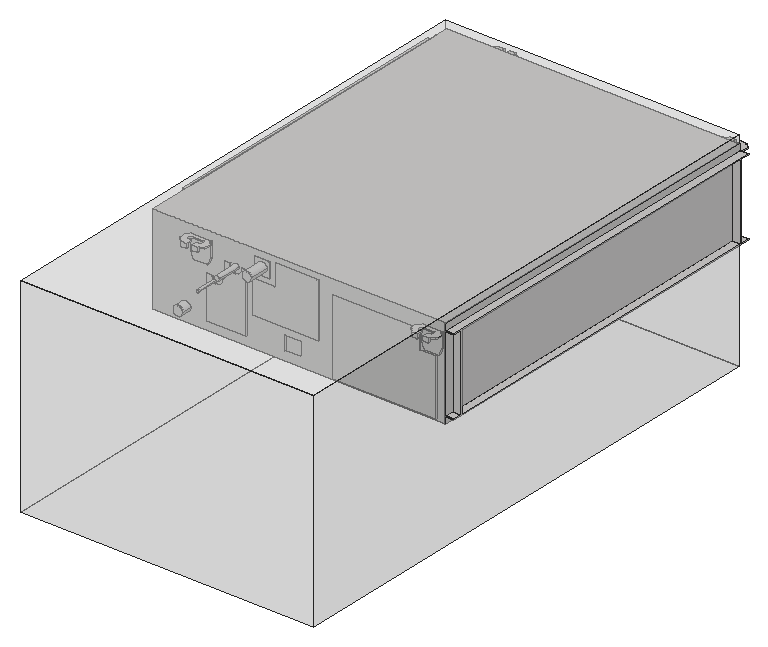
Revit family "outputfile", category 機械設備, Revit 2024
Family settings
  丸型コネクタ寸法 = 半径を使用
  パーツ タイプ = 標準
  OmniClass 番号 = 23.75.10.24.21.27.27
  OmniClass タイトル = Split System Air Conditioning Units
  作業面ベース = いいえ
  常に垂直 = はい
  ロード時にボイドで切り取り = いいえ
  注釈の向きを維持 = いいえ
  共有 = いいえ
  部屋計算ポイント = はい
Parameters (values of type "FMA50RVMA8")
  Description = ""
  製造元 = "Daikin"
  書き出し IFC クラス(タイプ) = "IfcUnitaryEquipmentType"
  定義済み IFC タイプ(タイプ) = "AIRCONDITIONINGUNIT"
  Cost = 0
  モデル = "FMA50RVMA8"
  Type Comments = ""
  Keynote = ""
  Type Image = (empty or 0)
  Assembly Code = ""
  switch_frequency = yes
  r_Liquid Pipe Size = Liquid Pipe Size / 2  # 3.2 mm
  r_Gas Pipe Size = Gas Pipe Size / 2  # 6.35 mm
  r_Drain Pipe Size = Drain Pipe Size / 2  # 12.5 mm
  lw_power = 770.0 mm  # constant formula
  lh_SA = 138.0 mm  # constant formula
  lw_SA = if(Depth = 550.0 mm, 225.0 mm, if(Depth = 700.0 mm, 300.0 mm, if(Depth = 1000.0 mm, 450.0 mm, if(Depth = 1400.0 mm, 650.0 mm, 725.0 mm))))  # 450.0 mm
  lw_RA = if(Depth = 550.0 mm, 275.0 mm, if(Depth = 700.0 mm, 349.0 mm, if(Depth = 1000.0 mm, 499.0 mm, if(Depth = 1400.0 mm, 699.0 mm, 775.0 mm))))  # 499.0 mm
  lh_power = 60.0 mm + [h***]  # 60.0 mm
  lh_mountinghole1 = lh_mountinghole + [h***]  # 222.0 mm
  lh_RA = 123.0 mm  # constant formula
  ld_power = Depth / 2  # 500.0 mm
  connector_voltage = Voltage_50Hz  # 230 V
  connector_powerinput = [Power Input (Cooling)]  # 0.000 kW
  connector_phase = Phase_50Hz  # 1
  Voltage_comment_50Hz = "220 - 240"
  Voltage_50Hz = 230 V
  URL = ""
  Supply Air Direction [instance] = yes
  Sound Power Level_H speed (dB) = 0
  Phase_50Hz = 1
  Minimum External Static Pressure = 50.00 Pa
  Minimum Circuit Amps_50Hz = 0.0 A
  Maximum Fuse Amps_50Hz = 0.0 A
  Maximum External Static Pressure = 150.00 Pa
  Material_Casing = DAIKIN_GalvanizedSteel_Casing_indoorunit
  lw_mountinghole = 630.0 mm  # constant formula
  lh_gaspipe = 183.0 mm + [h***]  # 183.0 mm
  lh_mountinghole = 222.0 mm  # constant formula
  lh_liquidpipe = 136.0 mm + [h***]  # 136.0 mm
  lh_drainpipe = 207.0 mm + [h***]  # 207.0 mm
  lh_antena = Height - lh_mountinghole + 1.0 mm  # 24.0 mm
  ld_drainpipe = Depth / 2 + 53.0 mm  # 553.0 mm
  ld_liquidpipe = Depth / 2 + 69.0 mm  # 569.0 mm
  ld_gaspipe = Depth / 2 + 65.0 mm  # 565.0 mm
  ld_mountinghole = Depth + 38.0 mm  # 1038.0 mm
  h*** = 0.0 mm  # constant formula
  lw_liquidpipe = 179.0 mm  # constant formula
  lw_gaspipe = 229.0 mm  # constant formula
  lw_drainpipe = 300.0 mm  # constant formula
  Width = 800.0 mm
  Version = "ver.1.0"
  Unit Type = "Duct (M.S.P)"
  Unit Mass Weight = 37.00 kg
  Unit Designation [instance] = ""
  Uniclass2015Version = "Products v1.30"
  Uniclass2015Title = "Split coil room air conditioning units"
  Uniclass2015Code = "Pr_70_65_03_86"
  Total Cooling Capacity [instance] = 0.000 kW
  Sound Pressure Level_M speed (dBA) = 33
  Sound Pressure Level_L speed (dBA) = 31
  Sound Pressure Level_H speed (dBA) = 35
  Series = "Multi Split_Fan Coil Unit"
  Sensible Cooling Capacity [instance] = 0.000 kW
  SA Duct Size Width = 792.0 mm
  SA Duct Size Height = 176.0 mm
  Refrigerant Type = "R32"
  RA Duct Size Width = 952.0 mm
  RA Duct Size Height = 208.0 mm
  Power Input (Cooling) = 0.000 kW
  Option Accessory 3 [instance] = ""
  Option Accessory 2 [instance] = ""
  Option Accessory 1 [instance] = ""
  Nominal Cooling Capacity = 5.000 kW
  Minimum Airflow = 750.00 m³/h
  Median Airflow = 900.00 m³/h
  Maximum Airflow = 1080.00 m³/h
  Load Classification = HVAC
  Liquid Pipe Size = 6.4 mm
  Link_Nested Family [instance] = ""
  IfcVersion = ""
  IfcExportType = "AIRCONDITIONINGUNIT"
  IfcExportAs = "IfcUnitaryEquipmentType"
  Height = 245.0 mm
  Heat Exchanger Type = "Cross Fin Coil"
  Gas Pipe Size = 12.7 mm
  Frequency_50Hz = 50 Hz
  Fan Type = "Sirocco Fan"
  Fan Drive = "Direct Drive"
  FCU Tag No. [instance] = ""
  Drain Pipe Size = 25.0 mm
  Design Supply Airflow [instance] = 0.00 m³/h
  Design Return Airflow [instance] = 0.00 m³/h
  Design External Static Pressure [instance] = 0.00 Pa
  Depth = 1000.0 mm
  既定の高さ = 0.0 mm
  Cooling Entering Wet Bulb Temperature [instance] = 0.00 °C
  Cooling Entering Dry Bulb Temperature [instance] = 0.00 °C
  Cooling Ambient Wet Bulb Temperature [instance] = 0.00 °C
  Cooling Ambient Dry Bulb Temperature [instance] = 0.00 °C
  Clearance visibility [instance] = yes
  Clearance Top = 20.0 mm
  Clearance Right = 0.0 mm
  Clearance Rear = 0.0 mm
  Clearance Left = 0.0 mm
  Clearance Front = 450.0 mm
  Clearance Bottom = 300.0 mm
Reference planes
  plane 1 "Center (Front/Back)": y = 0
  plane 2 "h": z = 0
  plane 3 "Center (Left/Right)": x = 0
  plane 4 "Back": y = 500
  plane 5 "Front": y = -500
  plane 6 "Left": x = -400
  plane 7 "Right": x = 400
  plane 8 "Top": z = 0
  plane 9 "Bottom": z = -245
  plane 10: y = -215
  plane 11: y = 500
  plane 12: y = -950
  plane 13: x = -400
  plane 14: x = 400
  plane 15: z = 20
  plane 16: z = -545
  plane 17: x = -400
  plane 18: x = -399
  plane 19: x = 399
  plane 20: y = 50
  plane 21: y = -1
  plane 22: z = -122
  plane 23: y = -501
  plane 24: z = -109
  plane 25: x = -221
  plane 26: y = -565
  plane 27: z = -62
  plane 28: x = -171
  plane 29: y = -553
  plane 30: z = -38
  plane 31: x = -100
  plane 32: x = -100
  plane 33: x = -221
  plane 34: x = -171
  plane 35: x = 370
  plane 36: x = -266
  plane 37: x = 364
  plane 38: y = -519
  plane 39: y = 519
  plane 40: z = -23
  plane 41: z = -107
  plane 42: y = -569
  plane 43: z = -207
  plane 44: x = -309
  plane 45: y = -526
  plane 46: x = -251
  plane 47: x = -203
  plane 48: x = -144
  plane 49: z = -59
  plane 50: z = -106
  plane 51: z = -221
  plane 52: z = -109
  plane 53: x = -221
  plane 54: z = -62
  plane 55: x = -171
  plane 56: z = -17
  plane 57: z = -59
  plane 58: x = -121
  plane 59: x = -79
  plane 60: x = -125
  plane 61: x = -64
  plane 62: x = 53
  plane 63: z = -164
  plane 64: z = -73
  plane 65: z = -16
  plane 66: x = 93.5
  plane 67: x = 374.5
  plane 68: x = 330
  plane 69: z = -88.5
  plane 70: z = -38
  plane 71: z = -242.5
  plane 72: x = -38.5
  plane 73: x = 6.5
  plane 74: z = -181
  plane 75: z = -221
  plane 76: y = -499
  plane 77: x = -424
  plane 78: x = 424
Forms (mm)
  Extrusion 1, solid, material "DAIKIN_GalvanizedSteel_Casing_indoorunit" <- "Material_Casing"
    sketch origin (0, 0, 0) x (1, 0, 0) y (0, 1, 0)
      loop
        line (-399, 500) -> (-399, -500) -> (399, -500) -> (399, 500) -> (-399, 500)
    from -245 to 0
  Extrusion 2, solid, material "DAIKIN_GalvanizedSteel_Casing_indoorunit" <- "Material_Casing"
    sketch origin (0, 0, 0) x (1, 0, 0) y (0, 0, 1)
      loop
        line (-251, -221) -> (-144, -221) -> (-144, -59) -> (-154.47, -59)
        arc (-154.47, -59) -> (-171, -78.8) -> (-187.53, -59) r 16.8
        line (-187.53, -59) -> (-203, -59) -> (-203, -106) -> (-206.916, -106)
        arc (-206.916, -106) -> (-221, -123.4) -> (-235.084, -106) r 14.4
        line (-235.084, -106) -> (-251, -106) -> (-251, -221)
    from 500 to 501
  Extrusion 3, solid, material "DAIKIN_GalvanizedSteel_Casing_indoorunit" <- "Material_Casing"
    sketch origin (0, 0, 0) x (1, 0, 0) y (0, 0, 1)
      loop
        line (-121, -17) -> (-121, -59) -> (-79, -59) -> (-79, -17) -> (-121, -17)
      loop
        line (-125, -73) -> (-125, -164) -> (53, -164) -> (53, -16) -> (-64, -16) -> (-64, -73) -> (-125, -73)
    from 500 to 501
  Extrusion 4, solid, material "DAIKIN_GalvanizedSteel_Casing_indoorunit" <- "Material_Casing"
    sketch origin (0, 0, 0) x (1, 0, 0) y (0, 0, 1)
      loop
        line (93.5, -38) -> (93.5, -242.5) -> (374.5, -242.5) -> (374.5, -88.5) -> (330, -88.5) -> (330, -38) -> (93.5, -38)
    from 500 to 501
  Extrusion 5, solid, material "DAIKIN_GalvanizedSteel_Casing_indoorunit" <- "Material_Casing"
    sketch origin (0, 0, 0) x (1, 0, 0) y (0, 0, 1)
      loop
        circle (-221, -109) r 3.2
    from 500 to 569
  Extrusion 6, solid, material "DAIKIN_GalvanizedSteel_Casing_indoorunit" <- "Material_Casing"
    sketch origin (0, 0, 0) x (1, 0, 0) y (0, 0, 1)
      loop
        circle (-171, -62) r 6.35
    from 500 to 565
  Extrusion 7, solid, material "DAIKIN_GalvanizedSteel_Casing_indoorunit" <- "Material_Casing"
    sketch origin (0, 0, 0) x (1, 0, 0) y (0, 0, 1)
      loop
        circle (-100, -38) r 12.5
    from 501 to 553
  Extrusion 8, solid, material "DAIKIN_GalvanizedSteel_Casing_indoorunit" <- "Material_Casing"
    sketch origin (0, 0, 0) x (1, 0, 0) y (0, 0, 1)
      loop
        circle (-309, -207) r 13
    from 500 to 526
  Extrusion 9, void
    sketch origin (0, 0, 0) x (1, 0, 0) y (0, 0, 1)
      loop
        line (-38.5, -181) -> (-38.5, -221) -> (6.5, -221) -> (6.5, -181) -> (-38.5, -181)
    from 499 to 500
Cuts and joins
  Extrusion 9 cuts Extrusion 1
Dimensions and locks
  "Height": plane 8 "Top" to plane 9 "Bottom"
  equal spacing: plane 4 "Back", plane 1 "Center (Front/Back)", plane 5 "Front"
  "Depth": plane 4 "Back" to plane 5 "Front"
  equal spacing: plane 6 "Left", plane 3 "Center (Left/Right)", plane 7 "Right"
  "Width": plane 6 "Left" to plane 7 "Right"
  "Clearance Left": plane 13 to plane 6 "Left"
  "Clearance Right": plane 7 "Right" to plane 14
  "Clearance Rear": plane 11 to plane 4 "Back"
  "Clearance Front": plane 5 "Front" to plane 12
  "Clearance Top": plane 15 to plane 8 "Top"
  "Clearance Bottom": plane 9 "Bottom" to plane 16
  locked: plane 17 to plane 18 at 1
  locked: plane 19 to plane 14 at 1
  "lw_SA": plane 11 to plane 20
  "lw_RA": plane 21 to plane 5 "Front"
  "lh_RA": plane 22 to plane 9 "Bottom"
  locked: plane 5 "Front" to plane 23 at 1
  "lw_liquidpipe": plane 25 to plane 6 "Left"
  "lh_liquidpipe": plane 24 to plane 9 "Bottom"
  "lh_gaspipe": plane 27 to plane 9 "Bottom"
  "lw_gaspipe": plane 28 to plane 6 "Left"
  "ld_gaspipe": plane 26 to plane 1 "Center (Front/Back)"
  "ld_drainpipe": plane 29 to plane 1 "Center (Front/Back)"
  "lh_drainpipe": plane 30 to plane 9 "Bottom"
  "lw_drainpipe": plane 31 to plane 6 "Left"
  "lw_drainpipe": plane 6 "Left" to plane 32
  "lw_liquidpipe": plane 6 "Left" to plane 33
  "lw_gaspipe": plane 6 "Left" to plane 34
  "lw_power": plane 6 "Left" to plane 35
  locked: plane 17 to plane 36 at 134
  "lw_mountinghole": plane 36 to plane 37
  equal spacing: plane 38, plane 1 "Center (Front/Back)", plane 39
  "ld_mountinghole": plane 39 to plane 38
  "lh_mountinghole": plane 40 to plane 9 "Bottom"
  "lh_SA": plane 41 to plane 9 "Bottom"
  locked: plane 44 to plane 6 "Left" at 91
  locked: plane 43 to plane 9 "Bottom" at 38
  plane 48 to plane 47 to plane 46 to plane 6 "Left" = 59.0 mm, 48.0 mm, 149.0 mm
  plane 8 "Top" to plane 49 to plane 50 to plane 51 = 59.0 mm locked, 47.0 mm locked, 115.0 mm locked
  plane 55 to plane 53 to plane 6 "Left" = 50.0 mm locked, 179.0 mm locked
  plane 54 to plane 52 to plane 9 "Bottom" = 47.0 mm locked, 136.0 mm locked
  plane 59 to plane 58 to plane 6 "Left" = 42.0 mm locked, 279.0 mm locked
  plane 8 "Top" to plane 56 to plane 57 = 17.0 mm locked, 42.0 mm locked
  plane 62 to plane 61 to plane 60 to plane 6 "Left" = 117.0 mm, 61.0 mm, 275.0 mm
  plane 8 "Top" to plane 65 to plane 64 = 16.0 mm locked, 57.0 mm locked
  locked: plane 65 to plane 63 at 148
  plane 8 "Top" to plane 70 to plane 69 to plane 71 = 38.0 mm locked, 50.5 mm locked, 154.0 mm locked
  plane 67 to plane 68 to plane 66 to plane 6 "Left" = 44.5 mm locked, 236.5 mm locked, 493.5 mm locked
  plane 8 "Top" to plane 74 to plane 75 = 181.0 mm locked, 40.0 mm locked
  plane 73 to plane 72 to plane 6 "Left" = 45.0 mm, 361.5 mm
  locked: plane 76 to plane 5 "Front" at 1
  locked: plane 77 to plane 17 at 24
  locked: plane 14 to plane 78 at 24
  "ld_liquidpipe": plane 42 to plane 1 "Center (Front/Back)"
  "r_Liquid Pipe Size": radius of Extrusion 5 sketch curve
  "r_Gas Pipe Size": radius of Extrusion 6 sketch curve
  "r_Drain Pipe Size": radius of Extrusion 7 sketch curve
  aligned and locked: level to plane 2 "h"
  aligned and locked: plane 8 "Top" to Extrusion 1
  aligned and locked: Extrusion 1 to plane 9 "Bottom"
  aligned and locked: nested 5 to plane 12
  aligned and locked: plane 13 to nested 5
  aligned and locked: plane 14 to nested 5
  aligned and locked: nested 5 to plane 13
  aligned and locked: plane 11 to nested 5
  aligned and locked: plane 15 to nested 5
  aligned and locked: plane 16 to nested 5
  aligned and locked: plane 5 "Front" to Extrusion 1 sketch curve
  aligned and locked: Extrusion 1 to plane 18
  aligned and locked: plane 19 to Extrusion 1
  aligned and locked: nested 7 to plane 18
  aligned and locked: nested 7 to plane 20
  aligned and locked: plane 19 to nested 8
  aligned and locked: plane 21 to nested 8
  aligned and locked: plane 22 to nested 8
  aligned and locked: Extrusion 2 to plane 23
  aligned and locked: plane 5 "Front" to Extrusion 2
  aligned and locked: Extrusion 3 to plane 23
  aligned and locked: plane 5 "Front" to Extrusion 3
  aligned and locked: plane 5 "Front" to Extrusion 4
  aligned and locked: Extrusion 5 sketch curve to plane 25
  aligned and locked: plane 24 to Extrusion 5 sketch curve
  aligned and locked: plane 5 "Front" to Extrusion 5
  aligned and locked: Extrusion 6 sketch curve to plane 28
  aligned and locked: plane 27 to Extrusion 6 sketch curve
  aligned and locked: plane 5 "Front" to Extrusion 6
  aligned and locked: Extrusion 7 sketch curve to plane 31
  aligned and locked: Extrusion 7 sketch curve to plane 30
  aligned and locked: Extrusion 7 to plane 29
  aligned and locked: plane 23 to Extrusion 7
  aligned and locked: nested 3 to plane 29
  aligned and locked: plane 32 to nested 3
  aligned and locked: nested 2 to plane 33
  aligned and locked: nested 1 to plane 34
  aligned and locked: Extrusion 6 to plane 26
  aligned and locked: nested 1 to plane 26
  aligned and locked: nested 6 to plane 5 "Front"
  aligned and locked: nested 6 to plane 35
  aligned and locked: plane 36 to nested 10
  aligned and locked: nested 10 to plane 5 "Front"
  aligned and locked: plane 37 to nested 9
  aligned and locked: nested 9 to plane 5 "Front"
  aligned and locked: nested 11 to plane 36
  aligned and locked: plane 4 "Back" to nested 11
  aligned and locked: nested 12 to plane 37
  aligned and locked: plane 4 "Back" to nested 12
  aligned and locked: plane 40 to nested 10
  aligned and locked: plane 40 to nested 11
  aligned and locked: plane 40 to nested 9
  aligned and locked: plane 40 to nested 12
  aligned and locked: plane 36 to nested 14
  aligned and locked: nested 14 to plane 39
  aligned and locked: plane 37 to nested 13
  aligned and locked: nested 13 to plane 39
  aligned and locked: plane 37 to nested 16
  aligned and locked: plane 38 to nested 16
  aligned and locked: plane 38 to nested 15
  aligned and locked: plane 36 to nested 15
  aligned and locked: plane 17 to plane 6 "Left"
  aligned and locked: plane 41 to nested 7
  aligned and locked: Extrusion 5 to plane 42
  aligned and locked: nested 2 to plane 42
  aligned and locked: Extrusion 8 sketch curve to plane 44
  aligned and locked: plane 43 to Extrusion 8 sketch curve
  aligned and locked: plane 5 "Front" to Extrusion 8
  aligned and locked: plane 45 to Extrusion 8
  aligned and locked: Extrusion 3 sketch curve to plane 56
  aligned and locked: Extrusion 3 sketch curve to plane 58
  aligned and locked: plane 57 to Extrusion 3 sketch curve
  aligned and locked: plane 59 to Extrusion 3 sketch curve
  aligned and locked: Extrusion 4 to plane 23
  aligned and locked: Extrusion 9 sketch curve to plane 74
  aligned and locked: plane 75 to Extrusion 9 sketch curve
  aligned and locked: plane 73 to Extrusion 9 sketch curve
  aligned and locked: plane 5 "Front" to Extrusion 9
  aligned and locked: plane 76 to Extrusion 9
  aligned and locked: nested 17 to plane 20
  aligned and locked: nested 17 to plane 77
  aligned and locked: plane 21 to nested 18
  aligned and locked: plane 78 to nested 18
  aligned and locked: plane 41 to nested 17
  aligned and locked: nested 18 to plane 22
  aligned and locked: nested 4 to plane 3 "Center (Left/Right)"
  aligned and locked: plane 1 "Center (Front/Back)" to nested 4
  aligned and locked: level to plane 8 "Top"
Automatic sketch dimensions
  plane 6 "Left" to Extrusion 1 sketch curve = 1.0 mm
  Extrusion 1 sketch curve to plane 7 "Right" = 1.0 mm
  Extrusion 1 sketch curve to plane 4 "Back" = 0.0 mm
  Extrusion 2 sketch curve to plane 46 = 0.0 mm
  Extrusion 2 sketch curve to plane 33 = 0.0 mm
  Extrusion 2 sketch curve to plane 47 = 0.0 mm
  Extrusion 2 sketch curve to plane 34 = 0.0 mm
  Extrusion 2 sketch curve to plane 48 = 0.0 mm
  Extrusion 2 sketch curve to plane 51 = 0.0 mm
  Extrusion 2 sketch curve to plane 52 = 0.0 mm
  Extrusion 2 sketch curve to plane 50 = 0.0 mm  (x3)
  Extrusion 2 sketch curve to plane 54 = 0.0 mm
  Extrusion 2 sketch curve to plane 49 = 0.0 mm  (x3)
  plane 33 to Extrusion 2 sketch curve = 14.084 mm
  plane 34 to Extrusion 2 sketch curve = 16.53 mm
  Extrusion 3 sketch curve to plane 60 = 0.0 mm
  Extrusion 3 sketch curve to plane 61 = 0.0 mm
  Extrusion 3 sketch curve to plane 62 = 0.0 mm
  Extrusion 3 sketch curve to plane 63 = 0.0 mm
  Extrusion 3 sketch curve to plane 64 = 0.0 mm
  Extrusion 3 sketch curve to plane 65 = 0.0 mm
  Extrusion 4 sketch curve to plane 66 = 0.0 mm
  Extrusion 4 sketch curve to plane 68 = 0.0 mm
  Extrusion 4 sketch curve to plane 67 = 0.0 mm
  Extrusion 4 sketch curve to plane 71 = 0.0 mm
  Extrusion 4 sketch curve to plane 69 = 0.0 mm
  Extrusion 4 sketch curve to plane 70 = 0.0 mm
  Extrusion 9 sketch curve to plane 72 = 0.0 mm
  radius of Extrusion 8 sketch curve = 13.0 mm
Nested families
  nested 1: "daikin_connector_rotate2" at (-171, 0, -62), length <- "ld_gaspipe", built-in parameter 1001364 <- "lh_gaspipe", radius <- "r_Gas Pipe Size", type "daikin_connector_rotate2"
    with radius 6.35 mm, length 565.0 mm, angle_vertical 90.00°
  nested 2: "daikin_connector_rotate2" at (-221, 0, -109), length <- "ld_liquidpipe", built-in parameter 1001364 <- "lh_liquidpipe", radius <- "r_Liquid Pipe Size", type "daikin_connector_rotate2"
    with radius 3.2 mm, length 569.0 mm, angle_vertical 90.00°
  nested 3: "daikin_connector_rotate2" at (-100, 0, -38), length <- "ld_drainpipe", built-in parameter 1001364 <- "lh_drainpipe", radius <- "r_Drain Pipe Size", type "daikin_connector_rotate2"
    with radius 12.5 mm, length 553.0 mm, angle_vertical 90.00°
  nested 4: "daikin_△_symbolicline" at (0, 0, 245) x (0, -1, 0) z (0, 0, 1), built-in parameter 1001364 <- "Height", visible <- "Supply Air Direction", type "daikin_△_symbolicline"
    with length 200.0 mm
  nested 5: "daikin_clearancespace" at (0, -225, -262.381), visible <- "Clearance visibility", show <- "Clearance visibility", Link_Nested Family <- "Link_Nested Family", type "daikin_clearancespace"
    with width 800.0 mm, show yes, height 565.0 mm, depth 1450.0 mm, Link_Nested Family ""
  nested 6: "daikin_connector_rotate2" at (370, 0, -185), built-in parameter 1001364 <- "lh_power", length <- "ld_power", type "daikin_connector_rotate2"
    with radius 10.0 mm, length 500.0 mm, angle_vertical 90.00°
  nested 7: "daikin_ductflange_FMA-RVMA82" at (-399, 50, -107) x (0, -1, 0) z (0, 0, 1), type "daikin_ductflange_FMA-RVMA82"
    with width 792.0 mm, w 1000.0 mm
  nested 8: "daikin_ductflange_FMA-RVMA8" at (399, -1, -122) x (0, 1, 0) z (0, 0, 1), type "daikin_ductflange_FMA-RVMA8"
    with width 952.0 mm, lw 25.0 mm, w 1000.0 mm
  nested 9: "daikin_hangerfixture_FMA-RVMA8" at (364, -500, -23), type "daikin_hangerfixture_FMA-RVMA8"
  nested 10: "daikin_hangerfixture_FMA-RVMA8" at (-266, -500, -23), type "daikin_hangerfixture_FMA-RVMA8"
  nested 11: "daikin_hangerfixture_FMA-RVMA8" at (-266, 500, -23) x (-1, 0, 0) z (0, 0, 1), type "daikin_hangerfixture_FMA-RVMA8"
  nested 12: "daikin_hangerfixture_FMA-RVMA8" at (364, 500, -23) x (-1, 0, 0) z (0, 0, 1), type "daikin_hangerfixture_FMA-RVMA8"
  nested 13: "daikin_mountinghole" at (364, 519, -245), h_mountinghole <- "lh_mountinghole1", l_antenna <- "lh_antena", Link_Nested Family <- "Link_Nested Family", type "daikin_mountinghole"
    with show yes, l_antenna 24.0 mm, h_mountinghole 222.0 mm, Link_Nested Family ""
  nested 14: "daikin_mountinghole" at (-266, 519, -245), h_mountinghole <- "lh_mountinghole1", l_antenna <- "lh_antena", Link_Nested Family <- "Link_Nested Family", type "daikin_mountinghole"
    with show yes, l_antenna 24.0 mm, h_mountinghole 222.0 mm, Link_Nested Family ""
  nested 15: "daikin_mountinghole" at (-266, -519, -245), h_mountinghole <- "lh_mountinghole1", l_antenna <- "lh_antena", Link_Nested Family <- "Link_Nested Family", type "daikin_mountinghole"
    with show yes, l_antenna 24.0 mm, h_mountinghole 222.0 mm, Link_Nested Family ""
  nested 16: "daikin_mountinghole" at (364, -519, -245), h_mountinghole <- "lh_mountinghole1", l_antenna <- "lh_antena", Link_Nested Family <- "Link_Nested Family", type "daikin_mountinghole"
    with show yes, l_antenna 24.0 mm, h_mountinghole 222.0 mm, Link_Nested Family ""
  nested 17: "daikin_connector_rotate2" at (-400, 50, -107) x (0, -1, 0) z (0, 0, 1), type "daikin_connector_rotate2"
    with radius 10.0 mm, length 24.0 mm, angle_vertical 90.00°
  nested 18: "daikin_connector_rotate2" at (400, -1, -122) x (0, 1, 0) z (0, 0, 1), type "daikin_connector_rotate2"
    with radius 10.0 mm, length 24.0 mm, angle_vertical 90.00°
Connectors
  piping at (-100, -553, -38), diameter 25, driven by "r_Drain Pipe Size"
    settings: on nested 3, index 3, connector inside diameter 609.6 mm, connector length 0.0 mm, flow factor 0, pipe flow 0.00 m³/h, pressure drop 0.0 Pa, fitting loss kfactor 0, connector angle 0.00°, fixture units 0, engagement length 0.0 mm, angle of deflection 0.00°, flow configuration 1, flow direction 2, fitting loss method 4, system type 16, joint type 0, gender type 0, connector reference index -1, connector utility 0, adjustable connector no, is connector primary yes, connector description "Condensate Drain Piping"
  piping at (-171, -565, -62), diameter 12.7, driven by "r_Gas Pipe Size"
    settings: on nested 1, index 4, connector inside diameter 609.6 mm, connector length 0.0 mm, flow factor 0, pipe flow 0.00 m³/h, pressure drop 0.0 Pa, fitting loss kfactor 0, connector angle 0.00°, fixture units 0, engagement length 0.0 mm, angle of deflection 0.00°, flow configuration 1, flow direction 2, fitting loss method 0, system type 29, joint type 0, gender type 0, connector reference index -1, connector utility 0, adjustable connector no, is connector primary no, connector description "Refrigerant Gas Piping"
  piping at (-221, -569, -109), diameter 6.4, driven by "r_Liquid Pipe Size"
    settings: on nested 2, index 5, connector inside diameter 609.6 mm, connector length 0.0 mm, flow factor 0, pipe flow 0.00 m³/h, pressure drop 0.0 Pa, fitting loss kfactor 0, connector angle 0.00°, fixture units 0, engagement length 0.0 mm, angle of deflection 0.00°, flow configuration 1, flow direction 1, fitting loss method 0, system type 29, joint type 0, gender type 0, connector reference index -1, connector utility 0, adjustable connector no, is connector primary no, connector description "Refrigerant Liquid Piping"
  electrical at (370, -500, -185), driven by "Load Classification", driven by "connector_phase", driven by "connector_voltage", driven by "connector_powerinput"
    settings: on nested 6, index 6, voltage 230 V, apparent load 0 VA, apparent load phase1 0 VA, apparent load phase2 0 VA, apparent load phase3 0 VA, power factor 1, load classification "HVAC", number of poles 1, system type 30, power factor state 1, is connector primary yes, connector utility no, sub classification motor no, connector description "Power Supply"
  hvac at (-424, 50, -107), driven by "SA Duct Size Height", driven by "SA Duct Size Width"
    settings: on nested 17, index 7, duct flow 0.00 m³/h, flow factor 0, pres drop 0.00 Pa, loss coef 0, conn angle 0.00°, conn width 792.0 mm, conn height 176.0 mm, conn diameter 609.6 mm, duct sys type 1, conn prof type 1, flow config 0, flow direction 2, loss method 4, conn ref index -1, conn util no, is conn primary yes, conn desc "SA Duct"
  hvac at (424, -1, -122), driven by "RA Duct Size Height", driven by "RA Duct Size Width"
    settings: on nested 18, index 8, duct flow 0.00 m³/h, flow factor 0, pres drop 0.00 Pa, loss coef 0, conn angle 0.00°, conn width 952.0 mm, conn height 208.0 mm, conn diameter 609.6 mm, duct sys type 2, conn prof type 1, flow config 0, flow direction 1, loss method 4, conn ref index -1, conn util no, is conn primary no, conn desc "RA Duct"
Definition of nested family "daikin_clearancespace"
  Parameters (values of type "daikin_clearancespace")
    Description = "daikin_clearancespace"
    width [instance] = 1823.963 mm
    show [instance] = yes
    material = none
    height [instance] = 1359.762 mm
    depth [instance] = 880.0 mm
    Default Elevation = 0.0 mm
    Link_Nested Family [instance] = ""
  Reference planes
    plane 1 "Center (Front/Back)": y = 0
    plane 2 "Center (Elevation)": z = -0.119
    plane 3 "Center (Left/Right)": x = 0
    plane 4: y = 440
    plane 5: y = -440
    plane 6 "Right": x = 911.982
    plane 7 "Left": x = -911.982
    plane 8 "Top": z = 679.762
    plane 9 "Bottom": z = -680
  Forms (mm)
    Extrusion 1, solid, material <- "material", visible <- "show"
      sketch origin (0, 0, 0) x (1, 0, 0) y (0, 1, 0)
        loop
          line (-911.982, 440) -> (-911.982, -440) -> (911.982, -440) -> (911.982, 440) -> (-911.982, 440)
      from -680 to 679.762
  Lines and regions (mm)
    symbolic lines, visible <- "show"
      curve 1: line (911.982, 440, 0) -> (-911.982, 440, 0)
      curve 2: line (-911.982, 440, 0) -> (-911.982, -440, 0)
      curve 3: line (-911.982, -440, 0) -> (911.982, -440, 0)
      curve 4: line (911.982, -440, 0) -> (911.982, 440, 0)
      curve 5: line (911.982, 0, 679.762) -> (-911.982, 0, 679.762)
      curve 6: line (911.982, 0, -680) -> (911.982, 0, 679.762)
      curve 7: line (-911.982, 0, -680) -> (911.982, 0, -680)
      curve 8: line (-911.982, 0, 679.762) -> (-911.982, 0, -680)
      curve 9: line (0, 440, 679.762) -> (0, -440, 679.762)
      curve 10: line (0, -440, 679.762) -> (0, -440, -680)
      curve 11: line (0, 440, -680) -> (0, 440, 679.762)
      curve 12: line (0, -440, -680) -> (0, 440, -680)
  Dimensions and locks
    "width": plane 7 "Left" to plane 6 "Right"
    "depth": plane 4 to plane 5
    "height": plane 8 "Top" to plane 9 "Bottom"
    equal spacing: plane 7 "Left", plane 3 "Center (Left/Right)", plane 6 "Right"
    equal spacing: plane 4, plane 1 "Center (Front/Back)", plane 5
    equal spacing: plane 8 "Top", plane 2 "Center (Elevation)", plane 9 "Bottom"
    aligned and locked: level to plane 2 "Center (Elevation)"
    aligned and locked: Extrusion 1 sketch curve to plane 4
    aligned and locked: plane 7 "Left" to Extrusion 1 sketch curve
    aligned and locked: Extrusion 1 sketch curve to plane 5
    aligned and locked: Extrusion 1 sketch curve to plane 6 "Right"
    aligned and locked: plane 8 "Top" to Extrusion 1
    aligned and locked: curve 1 to Extrusion 1
    aligned and locked: curve 2 to Extrusion 1
    aligned and locked: curve 3 to Extrusion 1
    aligned and locked: curve 4 to Extrusion 1
    aligned and locked: curve 5 to Extrusion 1
    aligned and locked: curve 6 to Extrusion 1
    aligned and locked: curve 7 to Extrusion 1
    aligned and locked: curve 8 to Extrusion 1
    aligned and locked: curve 9 to Extrusion 1
    aligned and locked: curve 10 to Extrusion 1
    aligned and locked: curve 11 to Extrusion 1
    aligned and locked: curve 12 to Extrusion 1
    aligned and locked: Extrusion 1 to plane 9 "Bottom"
Definition of nested family "daikin_ductflange_FMA-RVMA82"
  Parameters (values of type "daikin_ductflange_FBFC-DVMG2")
    width = if(w = 550.0 mm, 337.0 mm, if(w = 700.0 mm, 492.0 mm, if(w = 1000.0 mm, 792.0 mm, if(w = 1400.0 mm, 1192.0 mm, 1337.0 mm))))  # 1192.0 mm
    material = none
    height = 215.0 mm
    depth = 1.0 mm
    w = 1400.0 mm
    Default Elevation = 0.0 mm
  Reference planes
    plane 1 "Center (Front/Back)": y = 0
    plane 2: z = 0
    plane 3 "Center (Left/Right)": x = 0
    plane 4: z = 88
    plane 5: z = -88
    plane 6: y = -25
    plane 7: z = 106
    plane 8: z = 89
    plane 9: y = -1
    plane 10: x = -617.5
    plane 11: x = 617.5
    plane 12: z = -106
    plane 13: z = -89
    plane 14: y = -1
    plane 15: x = 596
    plane 16: x = -596
    plane 17: x = 597
    plane 18: z = 87
    plane 19: z = -87
    plane 20: x = -597
    plane 21: z = 87
    plane 22: z = -87
    plane 23: y = -1
  Forms (mm)
    Extrusion 1, solid, material <- "material"
      sketch origin (0, 0, 0) x (0, 1, 0) y (0, 0, 1)
        loop
          line (-25, 88) -> (0, 88) -> (0, 106) -> (-1, 106) -> (-1, 89) -> (-25, 89) -> (-25, 88)
      from -617.5 to 617.5
    Extrusion 2, solid, material <- "material"
      sketch origin (0, 0, 0) x (0, 1, 0) y (0, 0, 1)
        loop
          line (-25, -88) -> (-25, -89) -> (-1, -89) -> (-1, -106) -> (0, -106) -> (0, -88) -> (-25, -88)
      from -617.5 to 617.5
    Extrusion 3, solid, material <- "material"
      sketch origin (0, 0, 0) x (1, 0, 0) y (0, 0, 1)
        loop
          line (596, 88) -> (596, -88) -> (617.5, -88) -> (617.5, -87) -> (597, -87) -> (597, 87) -> (617.5, 87) -> (617.5, 88) -> (596, 88)
      from 0 to 25
    Extrusion 4, solid, material <- "material"
      sketch origin (0, 0, 0) x (1, 0, 0) y (0, 0, 1)
        loop
          line (-617.5, 88) -> (-617.5, 87) -> (-597, 87) -> (-597, -87) -> (-617.5, -87) -> (-617.5, -88) -> (-596, -88) -> (-596, 88) -> (-617.5, 88)
      from 0 to 25
    Extrusion 5, solid, material <- "material"
      sketch origin (0, 0, 0) x (1, 0, 0) y (0, 0, 1)
        loop
          line (-617.5, 88) -> (-617.5, -88) -> (-596, -88) -> (-596, 88) -> (-617.5, 88)
        loop
          line (617.5, 88) -> (596, 88) -> (596, -88) -> (617.5, -88) -> (617.5, 88)
      from 0 to 1
  Cuts and joins
    joined: Extrusion 1, Extrusion 2, Extrusion 3, Extrusion 4, Extrusion 5
  Dimensions and locks
    plane 4 to level to plane 5 = 88.0 mm, 88.0 mm
    locked: plane 6 to plane 1 "Center (Front/Back)" at 25
    locked: plane 9 to plane 1 "Center (Front/Back)" at 1
    locked: plane 8 to plane 4 at 1
    locked: plane 16 to plane 10 at 21.5
    locked: plane 17 to plane 15 at 1
    locked: plane 4 to plane 18 at 1
    locked: plane 19 to plane 5 at 1
    "width": plane 15 to plane 16
    plane 4 to plane 5 = 176.0 mm
    locked: plane 16 to plane 20 at 1
    locked: plane 4 to plane 21 at 1
    locked: plane 22 to plane 5 at 1
    locked: plane 23 to plane 1 "Center (Front/Back)" at 1
    plane 4 to level to plane 5 = 88.0 mm locked, 88.0 mm locked
    locked: plane 5 to plane 13 at 1
    locked: plane 5 to plane 12 at 18
    locked: plane 7 to plane 4 at 18
    equal spacing: plane 15, plane 3 "Center (Left/Right)", plane 16
    locked: plane 11 to plane 15 at 21.5
    plane 11 to plane 10 = 1235.0 mm
    aligned and locked: level to plane 2
    aligned and locked: Extrusion 1 to plane 10
    aligned and locked: plane 11 to Extrusion 1
    aligned and locked: plane 5 to Extrusion 2
    aligned and locked: Extrusion 2 to plane 1 "Center (Front/Back)"
    aligned and locked: plane 15 to Extrusion 3 sketch curve
    aligned and locked: Extrusion 3 sketch curve to Extrusion 2  (x2)
    aligned and locked: Extrusion 3 sketch curve to plane 11
    aligned and locked: plane 6 to Extrusion 3
    aligned and locked: Extrusion 2 to plane 10
    aligned and locked: plane 11 to Extrusion 2
    aligned and locked: Extrusion 4 sketch curve to Extrusion 1  (x2)
    aligned and locked: plane 5 to Extrusion 4 sketch curve
    aligned and locked: Extrusion 4 sketch curve to plane 16
    aligned and locked: Extrusion 4 sketch curve to plane 22
    aligned and locked: plane 20 to Extrusion 4 sketch curve
    aligned and locked: plane 21 to Extrusion 4 sketch curve
    aligned and locked: Extrusion 4 to plane 1 "Center (Front/Back)"
    aligned and locked: plane 6 to Extrusion 4
    aligned and locked: Extrusion 5 sketch curve to Extrusion 1  (x4)
    aligned and locked: Extrusion 5 sketch curve to Extrusion 4  (x2)
    aligned and locked: Extrusion 5 sketch curve to Extrusion 3  (x2)
    aligned and locked: Extrusion 5 to plane 1 "Center (Front/Back)"
    aligned and locked: plane 23 to Extrusion 5
  Automatic sketch dimensions
    Extrusion 1 sketch curve to plane 6 = 0.0 mm
    Extrusion 1 sketch curve to plane 7 = 0.0 mm
    Extrusion 1 sketch curve to plane 9 = 0.0 mm
    Extrusion 1 sketch curve to plane 1 "Center (Front/Back)" = 0.0 mm
    Extrusion 1 sketch curve to plane 4 = 0.0 mm
    Extrusion 1 sketch curve to plane 8 = 0.0 mm
    Extrusion 2 sketch curve to plane 6 = 0.0 mm
    plane 12 to Extrusion 2 sketch curve = 0.0 mm
    Extrusion 2 sketch curve to plane 14 = 0.0 mm
    Extrusion 2 sketch curve to plane 1 "Center (Front/Back)" = 0.0 mm
    plane 13 to Extrusion 2 sketch curve = 0.0 mm
    Extrusion 2 sketch curve to plane 5 = 0.0 mm
    Extrusion 3 sketch curve to plane 17 = 0.0 mm
    Extrusion 3 sketch curve to plane 19 = 0.0 mm
    Extrusion 3 sketch curve to plane 18 = 0.0 mm
    Extrusion 3 sketch curve to plane 4 = 0.0 mm
    Extrusion 4 sketch curve to plane 10 = 0.0 mm
Definition of nested family "daikin_ductflange_FMA-RVMA8"
  Parameters (values of type "daikin_ductflange_FBFC-DVMG")
    width = if(w = 550.0 mm, 502.0 mm, if(w = 700.0 mm, 654.0 mm, if(w = 1000.0 mm, 952.0 mm, if(w = 1400.0 mm, 1352.0 mm, 1502.0 mm))))  # 654.0 mm
    material = none
    lw = if(width = 654.0 mm, 23.0 mm, 25.0 mm)  # 23.0 mm
    height = 208.0 mm
    depth = 1.0 mm
    w = 700.0 mm
    Default Elevation = 0.0 mm
  Reference planes
    plane 1 "Center (Front/Back)": y = 0
    plane 2: z = 0
    plane 3 "Center (Left/Right)": x = 0
    plane 4: z = 104
    plane 5: z = -104
    plane 6: y = -25
    plane 7: z = 121
    plane 8: z = 105
    plane 9: y = -1
    plane 10: x = -350
    plane 11: x = 350
    plane 12: z = -122
    plane 13: z = -105
    plane 14: y = -1
    plane 15: x = 327
    plane 16: x = -327
    plane 17: x = 328
    plane 18: z = 103
    plane 19: z = -103
    plane 20: x = -328
    plane 21: z = 103
    plane 22: z = -103
    plane 23: y = -1
  Forms (mm)
    Extrusion 1, solid, material <- "material"
      sketch origin (0, 0, 0) x (0, 1, 0) y (0, 0, 1)
        loop
          line (-25, 104) -> (0, 104) -> (0, 121) -> (-1, 121) -> (-1, 105) -> (-25, 105) -> (-25, 104)
      from -350 to 350
    Extrusion 2, solid, material <- "material"
      sketch origin (0, 0, 0) x (0, 1, 0) y (0, 0, 1)
        loop
          line (-25, -104) -> (-25, -105) -> (-1, -105) -> (-1, -122) -> (0, -122) -> (0, -104) -> (-25, -104)
      from -350 to 350
    Extrusion 3, solid, material <- "material"
      sketch origin (0, 0, 0) x (1, 0, 0) y (0, 0, 1)
        loop
          line (327, 104) -> (327, -104) -> (350, -104) -> (350, -103) -> (328, -103) -> (328, 103) -> (350, 103) -> (350, 104) -> (327, 104)
      from 0 to 25
    Extrusion 4, solid, material <- "material"
      sketch origin (0, 0, 0) x (1, 0, 0) y (0, 0, 1)
        loop
          line (-350, 104) -> (-350, 103) -> (-328, 103) -> (-328, -103) -> (-350, -103) -> (-350, -104) -> (-327, -104) -> (-327, 104) -> (-350, 104)
      from 0 to 25
    Extrusion 5, solid, material <- "material"
      sketch origin (0, 0, 0) x (1, 0, 0) y (0, 0, 1)
        loop
          line (-350, 104) -> (-350, -104) -> (-327, -104) -> (-327, 104) -> (-350, 104)
        loop
          line (350, 104) -> (327, 104) -> (327, -104) -> (350, -104) -> (350, 104)
      from 0 to 1
  Cuts and joins
    joined: Extrusion 1, Extrusion 2, Extrusion 3, Extrusion 4, Extrusion 5
  Dimensions and locks
    plane 4 to level to plane 5 = 104.0 mm, 104.0 mm
    locked: plane 6 to plane 1 "Center (Front/Back)" at 25
    locked: plane 9 to plane 1 "Center (Front/Back)" at 1
    locked: plane 8 to plane 4 at 1
    "lw": plane 11 to plane 15
    "lw": plane 16 to plane 10
    locked: plane 17 to plane 15 at 1
    locked: plane 4 to plane 18 at 1
    locked: plane 19 to plane 5 at 1
    "width": plane 15 to plane 16
    equal spacing: plane 15, plane 3 "Center (Left/Right)", plane 16
    locked: plane 16 to plane 20 at 1
    locked: plane 4 to plane 21 at 1
    locked: plane 22 to plane 5 at 1
    locked: plane 23 to plane 1 "Center (Front/Back)" at 1
    locked: plane 7 to plane 4 at 17
    locked: plane 1 "Center (Front/Back)" to plane 14 at 1
    locked: plane 5 to plane 13 at 1
    "height": plane 4 to plane 5
    plane 11 to plane 10 = 700.0 mm
    locked: plane 12 to plane 13 at 17
    equal spacing: plane 4, level, plane 5
    aligned and locked: level to plane 2
    aligned and locked: Extrusion 1 to plane 10
    aligned and locked: plane 11 to Extrusion 1
    aligned and locked: plane 5 to Extrusion 2
    aligned and locked: Extrusion 2 to plane 1 "Center (Front/Back)"
    aligned and locked: plane 15 to Extrusion 3 sketch curve
    aligned and locked: Extrusion 3 sketch curve to Extrusion 2  (x2)
    aligned and locked: Extrusion 3 sketch curve to plane 11
    aligned and locked: plane 6 to Extrusion 3
    aligned and locked: Extrusion 2 to plane 10
    aligned and locked: plane 11 to Extrusion 2
    aligned and locked: Extrusion 4 sketch curve to Extrusion 1  (x2)
    aligned and locked: plane 5 to Extrusion 4 sketch curve
    aligned and locked: Extrusion 4 sketch curve to plane 16
    aligned and locked: Extrusion 4 sketch curve to plane 22
    aligned and locked: plane 20 to Extrusion 4 sketch curve
    aligned and locked: plane 21 to Extrusion 4 sketch curve
    aligned and locked: Extrusion 4 to plane 1 "Center (Front/Back)"
    aligned and locked: plane 6 to Extrusion 4
    aligned and locked: Extrusion 5 sketch curve to Extrusion 1  (x4)
    aligned and locked: Extrusion 5 sketch curve to Extrusion 4  (x2)
    aligned and locked: Extrusion 5 sketch curve to Extrusion 3  (x2)
    aligned and locked: Extrusion 5 to plane 1 "Center (Front/Back)"
    aligned and locked: plane 23 to Extrusion 5
  Automatic sketch dimensions
    Extrusion 1 sketch curve to plane 6 = 0.0 mm
    Extrusion 1 sketch curve to plane 7 = 0.0 mm
    Extrusion 1 sketch curve to plane 9 = 0.0 mm
    Extrusion 1 sketch curve to plane 1 "Center (Front/Back)" = 0.0 mm
    Extrusion 1 sketch curve to plane 4 = 0.0 mm
    Extrusion 1 sketch curve to plane 8 = 0.0 mm
    Extrusion 2 sketch curve to plane 6 = 0.0 mm
    plane 12 to Extrusion 2 sketch curve = 0.0 mm
    Extrusion 2 sketch curve to plane 14 = 0.0 mm
    Extrusion 2 sketch curve to plane 1 "Center (Front/Back)" = 0.0 mm
    plane 13 to Extrusion 2 sketch curve = 0.0 mm
    Extrusion 2 sketch curve to plane 5 = 0.0 mm
    Extrusion 3 sketch curve to plane 17 = 0.0 mm
    Extrusion 3 sketch curve to plane 19 = 0.0 mm
    Extrusion 3 sketch curve to plane 18 = 0.0 mm
    Extrusion 3 sketch curve to plane 4 = 0.0 mm
    Extrusion 4 sketch curve to plane 10 = 0.0 mm
Definition of nested family "daikin_hangerfixture_FMA-RVMA8"
  Parameters (values of type "daikin_hangerfixture_FXMQ-PAVE")
    width = 72.0 mm
    material = none
    height = 60.0 mm
    depth = 41.0 mm
    Default Elevation = 0.0 mm
  Reference planes
    plane 1 "Center (Front/Back)": y = 0
    plane 2: z = 0
    plane 3 "Center (Left/Right)": x = 0
    plane 4: y = 417.146
    plane 5: y = -41
    plane 6: x = -36
    plane 7: x = 36
    plane 8: z = -2.3
    plane 9: z = -60
    plane 10: y = -2.3
    plane 11: z = -12
    plane 12: y = -38.7
  Forms (mm)
    Extrusion 1, solid, material <- "material"
      sketch origin (0, 0, 0) x (1, 0, 0) y (0, 1, 0)
        loop
          line (-28, 0) -> (-28, -5)
          arc (-28, -5) -> (-29.127, -8.162) -> (-32, -9.899) r 5
          arc (-32, -9.899) -> (-34.873, -11.636) -> (-36, -14.798) r 5
          line (-36, -14.798) -> (-36, -27.178)
          arc (-36, -27.178) -> (-35.429, -29.499) -> (-33.846, -31.289) r 5
          line (-33.846, -31.289) -> (-23, -38.798) -> (-23, -41.098) -> (-6.5, -41.098) -> (-6.5, -28.498)
          arc (-6.5, -28.498) -> (-7.379, -26.377) -> (-9.5, -25.498) r 3
          line (-9.5, -25.498) -> (-13.5, -25.498)
          arc (-13.5, -25.498) -> (-20, -18.998) -> (-13.5, -12.498) r 6.5
          line (-13.5, -12.498) -> (13.5, -12.498)
          arc (13.5, -12.498) -> (20, -18.998) -> (13.5, -25.498) r 6.5
          line (13.5, -25.498) -> (9.5, -25.498)
          arc (9.5, -25.498) -> (7.379, -26.377) -> (6.5, -28.498) r 3
          line (6.5, -28.498) -> (6.5, -41.098) -> (23, -41.098) -> (23, -38.798) -> (33.846, -31.289)
          arc (33.846, -31.289) -> (35.429, -29.499) -> (36, -27.178) r 5
          line (36, -27.178) -> (36, -14.596)
          arc (36, -14.596) -> (34.873, -11.434) -> (32, -9.697) r 5
          arc (32, -9.697) -> (29.127, -7.96) -> (28, -4.798) r 5
          line (28, -4.798) -> (28, 0) -> (-28, 0)
      from 0 to -2.3
    Extrusion 2, solid, material <- "material"
      sketch origin (0, 0, 0) x (1, 0, 0) y (0, 0, 1)
        loop
          line (28, -39.037) -> (28, 0) -> (-28, 0) -> (-28, -39.037)
          arc (-28, -39.037) -> (-27.91, -39.983) -> (-27.642, -40.894) r 5
          line (-27.642, -40.894) -> (-21.257, -56.857)
          arc (-21.257, -56.857) -> (-19.418, -59.14) -> (-16.615, -60) r 5
          line (-16.615, -60) -> (16.615, -60)
          arc (16.615, -60) -> (19.418, -59.14) -> (21.257, -56.857) r 5
          line (21.257, -56.857) -> (27.642, -40.894)
          arc (27.642, -40.894) -> (27.91, -39.983) -> (28, -39.037) r 5
      from 0 to 2.3
    Extrusion 3, solid, material <- "material"
      sketch origin (0, 0, 0) x (1, 0, 0) y (0, 0, 1)
        loop
          line (-23, 0) -> (-23, -9)
          arc (-23, -9) -> (-22.121, -11.121) -> (-20, -12) r 3
          line (-20, -12) -> (-9.5, -12)
          arc (-9.5, -12) -> (-7.379, -11.121) -> (-6.5, -9) r 3
          line (-6.5, -9) -> (-6.5, 0) -> (-23, 0)
        loop
          line (23, 0) -> (6.5, 0) -> (6.5, -9)
          arc (6.5, -9) -> (7.379, -11.121) -> (9.5, -12) r 3
          line (9.5, -12) -> (20, -12)
          arc (20, -12) -> (22.121, -11.121) -> (23, -9) r 3
          line (23, -9) -> (23, 0)
      from 38.8 to 41.098
  Cuts and joins
    joined: Extrusion 1, Extrusion 2, Extrusion 3
  Dimensions and locks
    plane 2 to plane 8 = 2.3 mm
    "height": plane 2 to plane 9
    locked: plane 10 to plane 1 "Center (Front/Back)" at 2.3
    locked: plane 2 to plane 11 at 12
    locked: plane 12 to plane 5 at 2.3
    aligned and locked: level to plane 2
    aligned and locked: Extrusion 1 to plane 8
    aligned and locked: plane 2 to Extrusion 1
    aligned and locked: plane 2 to Extrusion 2 sketch curve
    aligned and locked: Extrusion 2 to plane 10
    aligned and locked: Extrusion 2 to plane 1 "Center (Front/Back)"
    aligned and locked: Extrusion 3 sketch curve to cut or joined group of Extrusion 1, Extrusion 2, Extrusion 3  (x3)
    aligned and locked: cut or joined group of Extrusion 1, Extrusion 2, Extrusion 3 to Extrusion 3
  Automatic sketch dimensions
    Extrusion 2 sketch curve to plane 7 = 8.0 mm
    Extrusion 2 sketch curve to plane 8 = 36.737 mm
    plane 6 to Extrusion 2 sketch curve = 19.385 mm
    Extrusion 1 sketch curve to plane 6 = 0.0 mm
    plane 1 "Center (Front/Back)" to Extrusion 1 sketch curve = 0.0 mm
    Extrusion 1 sketch curve to plane 7 = 0.0 mm
    plane 6 to Extrusion 1 sketch curve = 2.154 mm
    plane 6 to Extrusion 1 sketch curve = 3.0 mm
    Extrusion 1 sketch curve to Extrusion 1 sketch curve = 5.0 mm  (x3)
    Extrusion 1 sketch curve to plane 12 = 0.098 mm  (x2)
    Extrusion 1 sketch curve to Extrusion 1 sketch curve = 4.0 mm  (x2)
    Extrusion 1 sketch curve to plane 5 = 0.098 mm  (x2)
    Extrusion 1 sketch curve to plane 3 "Center (Left/Right)" = 6.5 mm
    plane 3 "Center (Left/Right)" to Extrusion 1 sketch curve = 6.5 mm
    Extrusion 1 sketch curve to Extrusion 1 sketch curve = 3.0 mm
    Extrusion 1 sketch curve to plane 7 = 8.0 mm
    Extrusion 1 sketch curve to plane 7 = 5.0 mm
    Extrusion 1 sketch curve to plane 7 = 3.0 mm
    Extrusion 1 sketch curve to plane 7 = 2.154 mm
    plane 12 to Extrusion 1 sketch curve = 7.411 mm  (x2)
    plane 12 to Extrusion 1 sketch curve = 10.202 mm  (x2)
    Extrusion 1 sketch curve to Extrusion 1 sketch curve = 6.5 mm  (x2)
    Extrusion 1 sketch curve to Extrusion 1 sketch curve = 12.38 mm
    Extrusion 1 sketch curve to plane 10 = 12.296 mm
    Extrusion 1 sketch curve to plane 10 = 2.7 mm
    Extrusion 1 sketch curve to plane 10 = 2.498 mm
    plane 6 to Extrusion 1 sketch curve = 4.0 mm
    Extrusion 1 sketch curve to Extrusion 1 sketch curve = 0.0 mm  (x2)
    Extrusion 1 sketch curve to plane 7 = 4.0 mm
    Extrusion 1 sketch curve to Extrusion 1 sketch curve = 4.111 mm
    Extrusion 3 sketch curve to level = 0.0 mm  (x2)
    Extrusion 3 sketch curve to plane 11 = 0.0 mm  (x2)
    plane 11 to Extrusion 3 sketch curve = 3.0 mm  (x2)
    plane 3 "Center (Left/Right)" to Extrusion 3 sketch curve = 6.5 mm
    Extrusion 3 sketch curve to Extrusion 3 sketch curve = 3.0 mm  (x2)
    Extrusion 2 sketch curve to plane 9 = 0.0 mm
    Extrusion 2 sketch curve to Extrusion 2 sketch curve = 11.385 mm
    plane 6 to Extrusion 2 sketch curve = 8.0 mm
    plane 9 to Extrusion 2 sketch curve = 20.963 mm
    Extrusion 2 sketch curve to Extrusion 2 sketch curve = 5.0 mm  (x2)
    plane 9 to Extrusion 2 sketch curve = 3.143 mm  (x3)
    Extrusion 2 sketch curve to Extrusion 2 sketch curve = 4.642 mm  (x2)
    Extrusion 2 sketch curve to Extrusion 2 sketch curve = 0.0 mm  (x2)
    Extrusion 2 sketch curve to Extrusion 2 sketch curve = 0.358 mm
    Extrusion 2 sketch curve to Extrusion 2 sketch curve = 1.857 mm  (x2)
Definition of nested family "daikin_connector_rotate2"
  Parameters (values of type "daikin_connector_rotate2")
    Default Elevation = 1219.2 mm
    show_face = no
    radius [instance] = 10.0 mm
    length [instance] = 600.0 mm
    d_surface = 10.0 mm
    angle_vertical [instance] = 90.00°
  Reference planes
    plane 1 "Center (Front/Back)": y = 0
    plane 2: z = 0
    plane 3 "Center (Left/Right)": x = 0
  Forms (mm)
    Extrusion 1, solid, visible <- "show_face"
      sketch origin (0, -600, 0) x (1, 0, 0) y (0, 0, 1)
        loop
          circle (0, 0) r 10
      from 0 to -10
  Lines and regions (mm)
    reference lines
      curve 1: line (0, 0, 0) -> (0, -600, 0)
    symbolic lines
      curve 2: circle (0, 0, 0) r 5 normal (0, 0, 1)
    model lines, visible <- "show_face"
      curve 3: line (0, 0, 0) -> (0, -600, 0)
  Dimensions and locks
    "length": curve 1 to curve 1
    "length": curve 3 to curve 3
    "d_surface": Extrusion 1 to Extrusion 1
    "radius": radius of Extrusion 1 sketch curve
    "angle_vertical": angle curve 1 to plane 1 "Center (Front/Back)"
    "angle_vertical": angle curve 3 to plane 1 "Center (Front/Back)"
    aligned and locked: level to plane 2
    aligned and locked: plane 1 "Center (Front/Back)" to curve 1
    aligned and locked: plane 2 to curve 1
    aligned and locked: plane 1 "Center (Front/Back)" to curve 2
    aligned and locked: plane 3 "Center (Left/Right)" to curve 2
    aligned and locked: plane 1 "Center (Front/Back)" to curve 3
    aligned and locked: plane 2 to curve 3
    aligned and locked: Extrusion 1 to Extrusion 1
  Automatic sketch dimensions
    Extrusion 1 sketch curve to level = 0.0 mm
    Extrusion 1 sketch curve to plane 3 "Center (Left/Right)" = 0.0 mm
    radius of curve 2 = 5.0 mm
Definition of nested family "daikin_△_symbolicline"
  Parameters (values of type "daikin_△_symbolicline")
    length [instance] = 200.0 mm
    Default Elevation = 0.0 mm
  Reference planes
    plane 1 "Center (Front/Back)": y = 0
    plane 2: z = 0
    plane 3 "Center (Left/Right)": x = 0
  Lines and regions (mm)
    symbolic lines
      curve 1: line (0, -173.205, 0) -> (100, 0, 0)
      curve 2: line (100, 0, 0) -> (-100, 0, 0)
      curve 3: line (-100, 0, 0) -> (0, -173.205, 0)
  Dimensions and locks
    equal spacing: curve 3, plane 3 "Center (Left/Right)", curve 2
    "length": curve 3 to curve 2
    "length": curve 3 to curve 3
    "length": curve 1 to curve 1
    aligned and locked: level to plane 2
    aligned and locked: curve 2 to plane 1 "Center (Front/Back)"
    aligned and locked: plane 3 "Center (Left/Right)" to curve 3
Definition of nested family "daikin_mountinghole"
  Parameters (values of type "daikin_mountinghole")
    Default Elevation = 1219.2 mm
    Type Comments = "mountinghole"
    show [instance] = yes
    material = none
    l_centerline = 100.0 mm
    l_antenna [instance] = 100.0 mm
    h_mountinghole [instance] = 0.0 mm
    d_circle = 30.0 mm
    Link_Nested Family [instance] = ""
  Reference planes
    plane 1 "Center (Front/Back)": y = 0
    plane 2: z = 0
    plane 3 "Center (Left/Right)": x = 0
    plane 4: y = 50
    plane 5: x = -50
    plane 6: x = 50
    plane 7: y = -50
    plane 8 "h_mountinghole": z = 0
    plane 9: z = 100
  Lines and regions (mm)
    model lines, detail levels fine
      curve 1: circle (0, 0, 0) r 15 normal (0, 0, 1)
      curve 2: line (-50, 0, 0) -> (50, 0, 0)
      curve 3: line (0, 50, 0) -> (0, -50, 0)
    symbolic lines, detail levels fine
      curve 4: circle (0, 0, 0) r 15 normal (0, 0, 1)
      curve 5: line (-50, 0, 0) -> (50, 0, 0)
      curve 6: line (0, 50, 0) -> (0, -50, 0)
    model lines
      curve 7: line (0, 0, 100) -> (0, 0, 0)
  Dimensions and locks
    equal spacing: plane 4, plane 1 "Center (Front/Back)", plane 7
    "l_centerline": plane 4 to plane 7
    equal spacing: plane 5, plane 3 "Center (Left/Right)", plane 6
    "l_centerline": plane 5 to plane 6
    "l_antenna": plane 9 to plane 8 "h_mountinghole"
    "h_mountinghole": plane 8 "h_mountinghole" to plane 2
    "d_circle": diameter of curve 1
    "d_circle": diameter of curve 4
    aligned and locked: level to plane 2
    aligned and locked: plane 1 "Center (Front/Back)" to curve 1
    aligned and locked: plane 3 "Center (Left/Right)" to curve 1
    aligned and locked: plane 1 "Center (Front/Back)" to curve 2
    aligned and locked: curve 3 to plane 3 "Center (Left/Right)"
    aligned and locked: plane 6 to curve 2
    aligned and locked: plane 5 to curve 2
    aligned and locked: plane 4 to curve 3
    aligned and locked: plane 7 to curve 3
    aligned and locked: plane 1 "Center (Front/Back)" to curve 4
    aligned and locked: plane 3 "Center (Left/Right)" to curve 4
    aligned and locked: plane 6 to curve 5
    aligned and locked: plane 5 to curve 5
    aligned and locked: plane 1 "Center (Front/Back)" to curve 5
    aligned and locked: plane 4 to curve 6
    aligned and locked: plane 7 to curve 6
    aligned and locked: curve 6 to plane 3 "Center (Left/Right)"
    aligned and locked: curve 7 to plane 3 "Center (Left/Right)"
    aligned and locked: plane 9 to curve 7
    aligned and locked: plane 8 "h_mountinghole" to curve 7
